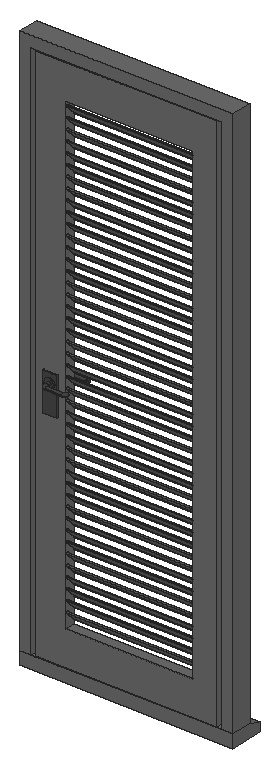
Revit family "DSP_A3-1-External-Lourve-Metal-Door-Full-Louvre-Single", category Doors, host Wall, Revit 2016
Family settings
  Host = Wall
  Always vertical = Yes
  Cut with Voids When Loaded = No
  Shared = No
  Room Calculation Point = No
Parameters (values of type "914 x 2438mm Louvre")
  Wrap Layers (Int) from Ext = 177.5 mm
  Wrap Layers (Ext) from Ext = 102.5 mm
  Vis - Ironmongery = yes
  Vis - Cavity Closers = yes
  Top Louvre Height = 2025.0 mm
  Lower Louvre Height = (Handle Z Distance - L Louvre to Handle - Stile Top Rail - 58.5 mm)  # 300.0 mm
  Thickness = Door Panel Thickness  # 44.0 mm
  Stile Top Rail = 150.0 mm
  Stile Shutting = 125.0 mm
  Stile Lock Rail = 150.0 mm
  Stile Hanging = 100.0 mm
  Stile Bottom Rail = 150.0 mm
  Rough Width = Width  # 2000.0 mm
  Rough Height = Height  # 2438.0 mm
  Operation = "DoubleDoorSingleSwing"
  O/A Frame Width = 64.0 mm
  No of Louvres (Upper) = Top Louvre Height / 45.0 mm - 1  # 44
  No of Louvres (Lower) = Lower Louvre Height / 45.0 mm - 1  # 6
  L Louvre to Handle = 541.5 mm
  Keynote = "L20"
  Handle Z Distance = 1050.0 mm
  Handle Style = Handle Domestic (2) : Handle Domestic (2)
  Function = Interior
  FrameWidth = 42.0 mm
  FrameOffset - External = 25.0 mm
  FrameDepth = 89.0 mm
  Door Panel Width = (Width / 2) - (Structural Tolerance) - (1.5 * Tolerance) - (FrameWidth)  # 947.0 mm
  Door Panel Thickness = 44.0 mm
  Door Panel Height = Height - Structural Tolerance - Tolerance - FrameWidth - Undercut - Cill Thickness  # 2328.0 mm
  DONT CHANGE Louvre Length = Door Panel Width - (Stile Hanging + Stile Shutting)  # 722.0 mm
  Construction Type = "SF-03"
  Cill Thickness = 54.5 mm
  Cill Projection = 30.0 mm
  Handle X Distance = 75.0 mm
  Height = 2438.0 mm
  Material Door = Metal - Aluminium - Dark
  Material Frame = Metal - Aluminium - Dark
  Material Ironmongery = Door - Handle
  Structural Tolerance = 6.5 mm
  Tolerance = 3.0 mm
  Undercut = 4.0 mm
  Wall Closure = By host
  Width = 2000.0 mm
  Cill Extension = 25.0 mm
  Cavity Closer Width = 50.0 mm
  Cavity Closer Offset from Ext = 102.5 mm
  Cavity Closer Depth = 85.0 mm
  Assembly Code = ""
Reference planes
  plane 1: y = 0
  plane 2 "Center L/R": x = -691.5
  plane 3 "Left": x = -1691.5
  plane 4 "Right": x = 308.5
  plane 5 "Head Opening": z = 2438
  plane 6 "Exterior": y = 150
  plane 7 "Interior": y = -150
  plane 8 "ST left": x = -1685
  plane 9 "ST right": x = 302
  plane 10 "Int frame left": x = -1643
  plane 11 "Int frame right": x = 260
  plane 12 "Left T": x = -853.5
  plane 13 "RHS Leaf Edge": x = 257
  plane 14: z = 2431.5
  plane 15: z = 2389.5
  plane 16: z = 2386.5
  plane 17: y = 83
  plane 18 "Ironmongery Axis X": x = -692.5
  plane 19 "Ironmongery Axis Z": z = 1050
  plane 20 "LHS Leaf Edge": x = -1640
  plane 21: y = 80
  plane 22: y = 125
  plane 23: y = 36
  plane 24 "LHS Cill Extension": x = -1716.5
  plane 25 "RHS Cill Extension": x = 333.5
  plane 26: y = 180
  plane 27: z = 58.5
  plane 28: z = 54.5
  plane 29 "Front Cavity Closer": y = 47.5
  plane 30 "Mid LHS Leaf": x = -615.5
  plane 31 "Mid RHS Leaf": x = -767.5
  plane 32: z = 208.5
  plane 33: z = 2236.5
  plane 34: x = -1540
  plane 35: x = -740.5
  plane 36: x = -642.5
  plane 37: x = 157
  plane 38: x = -332.5
  plane 39: x = -242.75
  plane 40: z = 508.5
  plane 41: z = 211.5
  plane 42: y = 47.5
  plane 43: y = -27.5
Forms (mm)
  Sweep 1, solid, material "Metal - Aluminium - Dark" <- "Material Frame"
    path origin (0, 125, 0) x (1, 0, 0) y (0, 0, 1)
      loop
        line (302, 54.5) -> (302, 2431.5) -> (-599, 2431.5) -> (-599, 54.5)
    profile origin (0, 0, 1243) x (-1, 0, 0) y (0, -1, 0)
      loop
        line (-308.5, -125) -> (-238, -125) -> (-238, -83) -> (-260, -83) -> (-260, -36) -> (-308.5, -36) -> (-308.5, -125)
  Extrusion 2, solid, material "Metal - Aluminium - Dark" <- "Material Door"
    sketch origin (-691.5, 36, 0) x (1, 0, 0) y (0, 0, 1)
      loop
        line (156.5, 58.5) -> (929.5, 58.5) -> (929.5, 2386.5) -> (156.5, 2386.5) -> (156.5, 58.5)
      loop
        line (281.5, 2236.5) -> (281.5, 208.5) -> (829.5, 208.5) -> (829.5, 2236.5) -> (281.5, 2236.5)
    from 0 to -44
  Extrusion 3, void
    sketch origin (-614, 0, 0) x (0, 1, 0) y (1, 0, 0)
      loop
        line (150, -1112.5) -> (150, -1077.5) -> (36, -1077.5) -> (36, -1112.5) -> (150, -1112.5)
    from 0 to -54.5
  Extrusion 4, void
    sketch origin (-614, 0, 0) x (0, 1, 0) y (1, 0, 0)
      loop
        line (150, 922.5) -> (150, 957.5) -> (36, 957.5) -> (36, 922.5) -> (150, 922.5)
    from 0 to -54.5
  Extrusion 5, solid, material "Metal - Aluminium - Dark" <- "Material Frame"
    sketch origin (-641.5, 0, 0) x (0, 1, 0) y (0, 0, 1)
      loop
        line (36, 54.5) -> (36, 0) -> (180, 0) -> (180, 38.595) -> (125, 54.5) -> (36, 54.5)
    from 36 to 950
Cuts and joins
  Extrusion 3, Extrusion 4 cuts Sweep 1
  Extrusion 3, Extrusion 4 cuts Extrusion 2
Lines and regions (mm)
  Opening 1
    outline origin (-5000, -150, 0) x (1, 0, 0) y (0, 0, 1)
      loop
        line (5308.5, 2438) -> (4394.5, 2438) -> (4394.5, 0) -> (5308.5, 0) -> (5308.5, 2438)
  symbolic lines, style "DoorsPanelProjection", detail levels medium+fine
    curve 1: line (305.5, 36, 0) -> (261.5, 36, 0)
    curve 3: line (305.5, -878, 0) -> (261.5, -878, 0)
    curve 4: line (261.5, 36, 0) -> (261.5, -878, 0)
  symbolic lines, style "DoorsPanelProjection"
    curve 2: line (305.5, -878, 0) -> (305.5, 36, 0)
  symbolic lines, style "Cavity Closer", visible <- "Vis - Cavity Closers", detail levels medium+fine
    curve 5: line (-655.5, -37.5, 0) -> (-605.5, -37.5, 0)
    curve 6: line (-655.5, 47.5, 0) -> (-655.5, -37.5, 0)
    curve 7: line (-605.5, 47.5, 0) -> (-655.5, 47.5, 0)
    curve 8: line (-605.5, -37.5, 0) -> (-605.5, 47.5, 0)
    curve 9: line (308.5, -37.5, 0) -> (358.5, -37.5, 0)
    curve 10: line (308.5, 47.5, 0) -> (308.5, -37.5, 0)
    curve 11: line (358.5, 47.5, 0) -> (308.5, 47.5, 0)
    curve 12: line (358.5, -37.5, 0) -> (358.5, 47.5, 0)
    curve 13: line (-655.5, -37.5, 0) -> (-605.5, 47.5, 0)
    curve 14: line (-655.5, 47.5, 0) -> (-605.5, -37.5, 0)
    curve 15: line (308.5, -37.5, 0) -> (358.5, 47.5, 0)
    curve 16: line (308.5, 47.5, 0) -> (358.5, -37.5, 0)
  symbolic lines, style "Plan Swing"
    curve 17: arc (-608.5, 36, 0) -> (-340.796, -610.296, 0) -> (305.5, -878, 0) r 914
  symbolic lines, style "DoorsFrameMullionProjection"
    curve 18: line (260, 0, 54.5) -> (-605.5, 0, 54.5)
    curve 19: line (-630.5, 0, 38.595) -> (333.5, 0, 38.595)
    curve 20: line (333.5, 0, 38.595) -> (333.5, 0, 0)
    curve 21: line (-630.5, 0, 0) -> (-630.5, 0, 38.595)
  symbolic lines, style "DoorsFrameMullionProjection", detail levels coarse
    curve 22: line (0, 125, 2438) -> (0, 125, 54.5)
    curve 23: line (0, 83, 54.5) -> (0, 83, 2389.5)
    curve 24: line (0, 125, 2367.5) -> (0, 83, 2367.5)
    curve 25: line (0, 36, 54.5) -> (0, 36, 2438)
    curve 26: line (0, 83, 2389.5) -> (0, 36, 2389.5)
  symbolic lines, style "DoorsPanelProjection", detail levels coarse
    curve 27: line (0, 80, 2386.5) -> (0, 80, 58.5)
    curve 28: line (0, 36, 2386.5) -> (0, 80, 2386.5)
    curve 29: line (0, 80, 58.5) -> (0, 36, 58.5)
  symbolic lines, style "Threshold", detail levels coarse
    curve 30: line (0, 180, 38.595) -> (0, 180, 0)
    curve 31: line (0, 125, 54.5) -> (0, 180, 38.595)
    curve 32: line (0, 36, 54.5) -> (0, 125, 54.5)
    curve 33: line (0, 36, 0) -> (0, 36, 54.5)
  symbolic lines, style "Elevation Swing"
    curve 34: line (238, 0, 54.5) -> (-535, 0, 1193.25)
    curve 35: line (-535, 0, 1193.25) -> (238, 0, 2367.5)
Text (mm)
  text "Exterior" at (-1796.445, 976.134, 0), in view "Ref. Level"
  text "Exterior" at (0, 1615.38, 2893.938), in view "Left"
  text "Exterior" at (0, 1036.032, 3874.932), in view "Right"
Dimensions and locks
  equal spacing: plane 3 "Left", plane 2 "Center L/R", plane 4 "Right"
  "Width": plane 3 "Left" to plane 4 "Right"
  locked: plane 6 "Exterior" to host wall at 0
  locked: plane 7 "Interior" to host wall
  "Structural Tolerance": plane 3 "Left" to plane 8 "ST left"
  "Structural Tolerance": plane 9 "ST right" to plane 4 "Right"
  "Tolerance": plane 13 "RHS Leaf Edge" to plane 11 "Int frame right"
  "Structural Tolerance": plane 5 "Head Opening" to plane 14
  "Tolerance": plane 15 to plane 16
  "Door Panel Thickness": plane 23 to plane 21
  "Tolerance": plane 10 "Int frame left" to plane 20 "LHS Leaf Edge"
  "Tolerance": plane 21 to plane 17
  "FrameDepth": plane 23 to plane 22
  "FrameWidth": plane 8 "ST left" to plane 10 "Int frame left"
  "FrameWidth": plane 11 "Int frame right" to plane 9 "ST right"
  plane 13 "RHS Leaf Edge" to curve 4 = 4.5 mm
  "O/A Frame Width": Sweep 1 sketch curve to plane 9 "ST right"
  "FrameOffset - External": plane 22 to plane 6 "Exterior"
  "Cill Extension": plane 24 "LHS Cill Extension" to plane 3 "Left"
  "Cill Projection": plane 6 "Exterior" to plane 26
  "Cill Extension": plane 4 "Right" to plane 25 "RHS Cill Extension"
  "Undercut": plane 28 to plane 27
  "FrameWidth": plane 14 to plane 15
  locked: Extrusion 3 sketch curve to plane 24 "LHS Cill Extension" at 10
  locked: plane 25 "RHS Cill Extension" to Extrusion 4 sketch curve at 10
  "Handle Z Distance": level to plane 19 "Ironmongery Axis Z"
  "Cavity Closer Offset from Ext": plane 29 "Front Cavity Closer" to plane 6 "Exterior"
  "Cavity Closer Depth": curve 5 to plane 29 "Front Cavity Closer"
  "Cavity Closer Depth": curve 9 to plane 29 "Front Cavity Closer"
  plane 3 "Left" to curve 6 = 1036.0 mm
  "Cavity Closer Width": plane 4 "Right" to curve 12
  "Cavity Closer Offset from Ext": nested 2 to plane 6 "Exterior"
  "Height": level to plane 5 "Head Opening"
  equal spacing: plane 31 "Mid RHS Leaf", plane 2 "Center L/R", plane 30 "Mid LHS Leaf"
  "Handle X Distance": plane 31 "Mid RHS Leaf" to plane 18 "Ironmongery Axis X"
  level to plane 16 = 2386.5 mm  (x2)
  "Stile Hanging": plane 37 to plane 13 "RHS Leaf Edge"
  "Stile Bottom Rail": plane 32 to plane 27
  "Stile Shutting": plane 31 "Mid RHS Leaf" to plane 36
  "Stile Shutting": plane 35 to plane 30 "Mid LHS Leaf"
  equal spacing: plane 36, plane 39, plane 37
  "Stile Hanging": plane 20 "LHS Leaf Edge" to plane 34
  "Wrap Layers (Ext) from Ext": plane 42 to plane 6 "Exterior"
  equal spacing: group 1, group 3, group 4, group 5, group 6, group 7, group 8, group 9, group 10, group 11, group 12, group 13, group 14, group 15, group 16, group 17, group 18, group 19, group 20, group 21, group 22, group 23, group 24, group 25, group 26, group 27, group 28, group 29, group 30, group 31, group 32, group 33, group 34, group 35, group 36, group 37, group 38, group 39, group 40, group 41, group 42, group 43, group 44, group 2  (x3)
  locked: nested 4 to plane 33 at 15
  locked: plane 41 to nested 3 at 15
  "Wrap Layers (Int) from Ext": plane 43 to plane 6 "Exterior"
  "Top Louvre Height": plane 41 to plane 33
  "L Louvre to Handle": plane 40 to plane 19 "Ironmongery Axis Z"
  level to plane 27 = 58.5 mm
  aligned and locked: plane 1 to host wall
  aligned and locked: plane 9 "ST right" to Sweep 1 sketch curve
  aligned and locked: plane 14 to Sweep 1 sketch curve
  aligned and locked: profile plane to plane 9 "ST right"
  aligned and locked: Sweep 1 sketch curve to plane 4 "Right"
  aligned and locked: Sweep 1 sketch curve to plane 17
  aligned and locked: plane 11 "Int frame right" to Sweep 1 sketch curve
  aligned and locked: plane 23 to Sweep 1 sketch curve
  aligned and locked: Sweep 1 sketch curve to plane 22
  aligned and locked: plane 16 to Extrusion 2 sketch curve
  aligned and locked: Extrusion 2 to plane 21
  aligned and locked: curve 1 to plane 23
  aligned and locked: plane 28 to Sweep 1 sketch curve  (x2)
  aligned and locked: plane 27 to Extrusion 2
  aligned and locked: plane 28 to Extrusion 3
  aligned and locked: plane 23 to Extrusion 4 sketch curve
  aligned and locked: plane 28 to Extrusion 4
  aligned and locked: nested 1 to plane 29 "Front Cavity Closer"
  aligned and locked: nested 2 to plane 4 "Right"
  aligned and locked: plane 29 "Front Cavity Closer" to nested 2
  aligned and locked: Extrusion 2 sketch curve to plane 33
  aligned and locked: curve 22 to cut or joined group of Sweep 1, Extrusion 3, Extrusion 4
  aligned and locked: curve 23 to cut or joined group of Sweep 1, Extrusion 3, Extrusion 4
  aligned and locked: curve 24 to cut or joined group of Sweep 1, Extrusion 3, Extrusion 4
  aligned and locked: curve 25 to cut or joined group of Sweep 1, Extrusion 3, Extrusion 4
  aligned and locked: curve 26 to cut or joined group of Sweep 1, Extrusion 3, Extrusion 4
  aligned and locked: curve 27 to cut or joined group of Extrusion 2, Extrusion 3, Extrusion 4
  aligned and locked: plane 21 to nested 3
  aligned and locked: plane 21 to nested 4
  aligned and locked: nested 8 to plane 21
  aligned and locked: plane 23 to nested 9
Automatic sketch dimensions
  curve 17 to plane 23 = 0.0 mm
  curve 8 to plane 29 "Front Cavity Closer" = 0.0 mm
  curve 15 to plane 4 "Right" = 0.0 mm
  curve 12 to plane 29 "Front Cavity Closer" = 0.0 mm
  curve 17 to plane 30 "Mid LHS Leaf" = 7.0 mm
  curve 8 to plane 30 "Mid LHS Leaf" = 10.0 mm
  plane 4 "Right" to curve 17 = 3.0 mm
  curve 30 to level = 0.0 mm
  curve 30 to plane 26 = 0.0 mm
  curve 33 to level = 0.0 mm
  curve 23 to plane 28 = 0.0 mm
  curve 27 to plane 27 = 0.0 mm
  curve 28 to plane 16 = 0.0 mm
  curve 22 to plane 5 "Head Opening" = 0.0 mm
  curve 25 to plane 5 "Head Opening" = 0.0 mm
  curve 30 to plane 28 = 15.905 mm
  Sweep 1 sketch curve to plane 30 "Mid LHS Leaf" = 16.5 mm
  Extrusion 2 sketch curve to plane 27 = 0.0 mm
  Extrusion 2 sketch curve to plane 32 = 0.0 mm
  Extrusion 2 sketch curve to plane 30 "Mid LHS Leaf" = 80.5 mm
  Extrusion 2 sketch curve to plane 38 = 77.5 mm
  Extrusion 2 sketch curve to plane 37 = 19.0 mm
  plane 13 "RHS Leaf Edge" to Extrusion 2 sketch curve = 19.0 mm
  Extrusion 3 sketch curve to plane 23 = 0.0 mm
  Extrusion 3 sketch curve to host wall = 0.0 mm
  Extrusion 3 sketch curve to plane 3 "Left" = 0.0 mm
  Extrusion 4 sketch curve to host wall = 0.0 mm
  Extrusion 4 sketch curve to plane 4 "Right" = 0.0 mm
  Opening 1 sketch curve to plane 5 "Head Opening" = 0.0 mm
  Opening 1 sketch curve to level = 0.0 mm
  Opening 1 sketch curve to plane 4 "Right" = 0.0 mm
  Opening 1 sketch curve to plane 30 "Mid LHS Leaf" = 10.0 mm
  Extrusion 5 sketch curve to plane 23 = 0.0 mm
  Extrusion 5 sketch curve to plane 22 = 0.0 mm
  Extrusion 5 sketch curve to plane 26 = 0.0 mm
  Extrusion 5 sketch curve to level = 0.0 mm
  Extrusion 5 sketch curve to plane 28 = 0.0 mm
  Extrusion 5 sketch curve to plane 28 = 15.905 mm
  curve 18 to plane 28 = 0.0 mm
  curve 19 to plane 25 "RHS Cill Extension" = 0.0 mm
  curve 21 to level = 0.0 mm
  curve 20 to level = 0.0 mm
  curve 18 to plane 11 "Int frame right" = 0.0 mm
  curve 35 to plane 19 "Ironmongery Axis Z" = 143.25 mm
  plane 16 to curve 35 = 19.0 mm
  curve 19 to plane 28 = 15.905 mm
  plane 13 "RHS Leaf Edge" to curve 35 = 19.0 mm
  plane 13 "RHS Leaf Edge" to curve 34 = 19.0 mm
  curve 35 to plane 30 "Mid LHS Leaf" = 80.5 mm
  curve 18 to plane 30 "Mid LHS Leaf" = 10.0 mm
  curve 21 to plane 36 = 12.0 mm
Nested families
  nested 1: "UK_Cavity Closer" at (-655.5, 47.5, 0), visible <- "Vis - Cavity Closers", type "UK_Cavity Closer", detail levels medium+fine
    with Closer Depth 85.0 mm
  nested 2: "UK_Cavity Closer" at (308.5, 47.5, 0), visible <- "Vis - Cavity Closers", type "UK_Cavity Closer", detail levels medium+fine
    with Closer Depth 85.0 mm
  nested 3: "Louvre Blade" at (-108.831, 60.463, 250.5) x (-1, 0, 0) z (0, 0, 1), type "Louvre Blade"
    with Length 548.0 mm
  nested 4: "Louvre Blade" at (-108.831, 60.463, 2197.5) x (-1, 0, 0) z (0, 0, 1), type "Louvre Blade"
    with Length 548.0 mm
  nested 5: "Louvre Blade" at (-108.831, 60.463, 295.779) x (-1, 0, 0) z (0, 0, 1), type "Louvre Blade"
    with Length 548.0 mm
  nested 6: "Louvre Blade" at (-108.831, 60.463, 341.058) x (-1, 0, 0) z (0, 0, 1), type "Louvre Blade"
    with Length 548.0 mm
  nested 7: "Louvre Blade" at (-108.831, 60.463, 386.337) x (-1, 0, 0) z (0, 0, 1), type "Louvre Blade"
    with Length 548.0 mm
  nested 8: "Handle Domestic (2)" at (-547.5, 80, 82.5), visible <- "Vis - Ironmongery", type <- "Handle Style", type "Handle Domestic (2)", detail levels medium+fine
    with Handle Z Distance 1050.0 mm, Handle X Distance 75.0 mm
  nested 9: "Handle Domestic (2)" at (-547.5, 36, 82.5), visible <- "Vis - Ironmongery", type <- "Handle Style", type "Handle Domestic (2)", detail levels medium+fine
    with Handle Z Distance 1050.0 mm, Handle X Distance 75.0 mm
  nested 10: "Louvre Blade" at (-108.831, 60.463, 431.616) x (-1, 0, 0) z (0, 0, 1), type "Louvre Blade"
    with Length 548.0 mm
  nested 11: "Louvre Blade" at (-108.831, 60.463, 476.895) x (-1, 0, 0) z (0, 0, 1), type "Louvre Blade"
    with Length 548.0 mm
  nested 12: "Louvre Blade" at (-108.831, 60.463, 522.174) x (-1, 0, 0) z (0, 0, 1), type "Louvre Blade"
    with Length 548.0 mm
  nested 13: "Louvre Blade" at (-108.831, 60.463, 567.453) x (-1, 0, 0) z (0, 0, 1), type "Louvre Blade"
    with Length 548.0 mm
  nested 14: "Louvre Blade" at (-108.831, 60.463, 612.733) x (-1, 0, 0) z (0, 0, 1), type "Louvre Blade"
    with Length 548.0 mm
  nested 15: "Louvre Blade" at (-108.831, 60.463, 658.012) x (-1, 0, 0) z (0, 0, 1), type "Louvre Blade"
    with Length 548.0 mm
  nested 16: "Louvre Blade" at (-108.831, 60.463, 703.291) x (-1, 0, 0) z (0, 0, 1), type "Louvre Blade"
    with Length 548.0 mm
  nested 17: "Louvre Blade" at (-108.831, 60.463, 748.57) x (-1, 0, 0) z (0, 0, 1), type "Louvre Blade"
    with Length 548.0 mm
  nested 18: "Louvre Blade" at (-108.831, 60.463, 793.849) x (-1, 0, 0) z (0, 0, 1), type "Louvre Blade"
    with Length 548.0 mm
  nested 19: "Louvre Blade" at (-108.831, 60.463, 839.128) x (-1, 0, 0) z (0, 0, 1), type "Louvre Blade"
    with Length 548.0 mm
  nested 20: "Louvre Blade" at (-108.831, 60.463, 884.407) x (-1, 0, 0) z (0, 0, 1), type "Louvre Blade"
    with Length 548.0 mm
  nested 21: "Louvre Blade" at (-108.831, 60.463, 929.686) x (-1, 0, 0) z (0, 0, 1), type "Louvre Blade"
    with Length 548.0 mm
  nested 22: "Louvre Blade" at (-108.831, 60.463, 974.965) x (-1, 0, 0) z (0, 0, 1), type "Louvre Blade"
    with Length 548.0 mm
  nested 23: "Louvre Blade" at (-108.831, 60.463, 1020.244) x (-1, 0, 0) z (0, 0, 1), type "Louvre Blade"
    with Length 548.0 mm
  nested 24: "Louvre Blade" at (-108.831, 60.463, 1065.523) x (-1, 0, 0) z (0, 0, 1), type "Louvre Blade"
    with Length 548.0 mm
  nested 25: "Louvre Blade" at (-108.831, 60.463, 1110.802) x (-1, 0, 0) z (0, 0, 1), type "Louvre Blade"
    with Length 548.0 mm
  nested 26: "Louvre Blade" at (-108.831, 60.463, 1156.081) x (-1, 0, 0) z (0, 0, 1), type "Louvre Blade"
    with Length 548.0 mm
  nested 27: "Louvre Blade" at (-108.831, 60.463, 1201.36) x (-1, 0, 0) z (0, 0, 1), type "Louvre Blade"
    with Length 548.0 mm
  nested 28: "Louvre Blade" at (-108.831, 60.463, 1246.64) x (-1, 0, 0) z (0, 0, 1), type "Louvre Blade"
    with Length 548.0 mm
  nested 29: "Louvre Blade" at (-108.831, 60.463, 1291.919) x (-1, 0, 0) z (0, 0, 1), type "Louvre Blade"
    with Length 548.0 mm
  nested 30: "Louvre Blade" at (-108.831, 60.463, 1337.198) x (-1, 0, 0) z (0, 0, 1), type "Louvre Blade"
    with Length 548.0 mm
  nested 31: "Louvre Blade" at (-108.831, 60.463, 1382.477) x (-1, 0, 0) z (0, 0, 1), type "Louvre Blade"
    with Length 548.0 mm
  nested 32: "Louvre Blade" at (-108.831, 60.463, 1427.756) x (-1, 0, 0) z (0, 0, 1), type "Louvre Blade"
    with Length 548.0 mm
  nested 33: "Louvre Blade" at (-108.831, 60.463, 1473.035) x (-1, 0, 0) z (0, 0, 1), type "Louvre Blade"
    with Length 548.0 mm
  nested 34: "Louvre Blade" at (-108.831, 60.463, 1518.314) x (-1, 0, 0) z (0, 0, 1), type "Louvre Blade"
    with Length 548.0 mm
  nested 35: "Louvre Blade" at (-108.831, 60.463, 1563.593) x (-1, 0, 0) z (0, 0, 1), type "Louvre Blade"
    with Length 548.0 mm
  nested 36: "Louvre Blade" at (-108.831, 60.463, 1608.872) x (-1, 0, 0) z (0, 0, 1), type "Louvre Blade"
    with Length 548.0 mm
  nested 37: "Louvre Blade" at (-108.831, 60.463, 1654.151) x (-1, 0, 0) z (0, 0, 1), type "Louvre Blade"
    with Length 548.0 mm
  nested 38: "Louvre Blade" at (-108.831, 60.463, 1699.43) x (-1, 0, 0) z (0, 0, 1), type "Louvre Blade"
    with Length 548.0 mm
  nested 39: "Louvre Blade" at (-108.831, 60.463, 1744.709) x (-1, 0, 0) z (0, 0, 1), type "Louvre Blade"
    with Length 548.0 mm
  nested 40: "Louvre Blade" at (-108.831, 60.463, 1789.988) x (-1, 0, 0) z (0, 0, 1), type "Louvre Blade"
    with Length 548.0 mm
  nested 41: "Louvre Blade" at (-108.831, 60.463, 1835.267) x (-1, 0, 0) z (0, 0, 1), type "Louvre Blade"
    with Length 548.0 mm
  nested 42: "Louvre Blade" at (-108.831, 60.463, 1880.547) x (-1, 0, 0) z (0, 0, 1), type "Louvre Blade"
    with Length 548.0 mm
  nested 43: "Louvre Blade" at (-108.831, 60.463, 1925.826) x (-1, 0, 0) z (0, 0, 1), type "Louvre Blade"
    with Length 548.0 mm
  nested 44: "Louvre Blade" at (-108.831, 60.463, 1971.105) x (-1, 0, 0) z (0, 0, 1), type "Louvre Blade"
    with Length 548.0 mm
  nested 45: "Louvre Blade" at (-108.831, 60.463, 2016.384) x (-1, 0, 0) z (0, 0, 1), type "Louvre Blade"
    with Length 548.0 mm
  nested 46: "Louvre Blade" at (-108.831, 60.463, 2061.663) x (-1, 0, 0) z (0, 0, 1), type "Louvre Blade"
    with Length 548.0 mm
  nested 47: "Louvre Blade" at (-108.831, 60.463, 2106.942) x (-1, 0, 0) z (0, 0, 1), type "Louvre Blade"
    with Length 548.0 mm
  nested 48: "Louvre Blade" at (-108.831, 60.463, 2152.221) x (-1, 0, 0) z (0, 0, 1), type "Louvre Blade"
    with Length 548.0 mm
Definition of nested family "Louvre Blade"
  Parameters
    Material Blade = none
    Length = 800.0 mm
    Blade Width = 40.0 mm
    Assembly Code = ""
    Vert Blade = Blade Width / 10  # 4.0 mm
  Reference planes
    plane 1 "Center (Front/Back)": y = -0.463
    plane 2: z = 0
    plane 3 "Center (Left/Right)": x = 27.169
    plane 4: x = -372.831
    plane 5: x = 427.169
    plane 6: y = -20.463
    plane 7: y = 19.537
    plane 8: z = 20
    plane 9: z = -20
  Forms (mm)
    Extrusion 1, solid, material <- "Material Blade"
      sketch origin (27.169, 0, 0) x (0, 1, 0) y (0, 0, 1)
        loop
          line (-20.463, 24) -> (-23.463, 24) -> (-23.463, 18.757) -> (16.537, -21.243) -> (16.537, -24) -> (19.537, -24) -> (19.537, -20) -> (-20.463, 20) -> (-20.463, 24)
      from -400 to 400
  Dimensions and locks
    equal spacing: plane 4, plane 3 "Center (Left/Right)", plane 5
    "Length": plane 4 to plane 5
    equal spacing: plane 6, plane 1 "Center (Front/Back)", plane 7
    "Blade Width": plane 6 to plane 7
    "Blade Width": plane 9 to plane 8
    equal spacing: plane 9, plane 2, plane 8
    "Vert Blade": plane 8 to Extrusion 1 sketch curve
    "Vert Blade": Extrusion 1 sketch curve to plane 9
    aligned and locked: Extrusion 1 to plane 5
    aligned and locked: plane 4 to Extrusion 1
  Automatic sketch dimensions
    Extrusion 1 sketch curve to plane 6 = 0.0 mm
    Extrusion 1 sketch curve to plane 7 = 0.0 mm
    Extrusion 1 sketch curve to plane 9 = 0.0 mm
    Extrusion 1 sketch curve to plane 8 = 0.0 mm
    plane 8 to Extrusion 1 sketch curve = 1.243 mm
    plane 6 to Extrusion 1 sketch curve = 3.0 mm
    plane 7 to Extrusion 1 sketch curve = 3.0 mm
    plane 9 to Extrusion 1 sketch curve = 1.243 mm
Definition of nested family "Handle Domestic (2)"
  Parameters
    Manufacturer = "Revit"
    Material Ironmongery = none
    Handle Z Distance = 0.0 mm
    Handle X Distance = 65.0 mm
  Reference planes
    plane 1 "Center (Front/Back)": y = 0
    plane 2: z = 0
    plane 3 "Center (Left/Right)": x = 0
    plane 4: z = 0
    plane 5: x = 65
  Forms (mm)
    Extrusion 1, solid, material <- "Material Ironmongery", detail levels medium+fine
      sketch origin (0, 0, 0) x (1, 0, 0) y (0, 0, 1)
        loop
          line (35, 40) -> (35, -125) -> (95, -125) -> (95, 40) -> (35, 40)
      from 0 to -6
    Sweep 2, solid, material <- "Material Ironmongery", detail levels medium+fine
      path origin (0, 0, 0) x (0, -1, 0) y (1, 0, 0)
        loop
          line (-10.593, 65) -> (-26, 65)
          arc (-26, 65) -> (-36.607, 69.393) -> (-41, 80) r 15
          line (-41, 80) -> (-41, 152)
          arc (-41, 152) -> (-38.657, 157.657) -> (-33, 160) r 8
      profile origin (0, 18.296, 0) x (-1, 0, 0) y (0, 0, 1)
        loop
          circle (-65, 0) r 7
    Extrusion 3, solid, material <- "Material Ironmongery", detail levels medium+fine
      sketch origin (0, 0, 0) x (1, 0, 0) y (0, 0, 1)
        loop
          circle (65, 0) r 20
      from -6 to -10.593
  Dimensions and locks
    "Handle Z Distance": plane 4 to level
    "Handle X Distance": plane 5 to plane 3 "Center (Left/Right)"
    aligned and locked: Extrusion 1 to Extrusion 3
    aligned and locked: Extrusion 3 to Sweep 2 sketch curve
  Automatic sketch dimensions
    Sweep 2 sketch curve to plane 4 = 0.0 mm
    Sweep 2 sketch curve to profile plane = 0.0 mm
    Extrusion 3 sketch curve to plane 4 = 0.0 mm
    Extrusion 3 sketch curve to plane 5 = 0.0 mm
    Sweep 2 sketch curve to plane 5 = 0.0 mm
    Sweep 2 sketch curve to plane 1 "Center (Front/Back)" = 41.0 mm
    Sweep 2 sketch curve to Sweep 2 sketch curve = 8.0 mm
    Sweep 2 sketch curve to Sweep 2 sketch curve = 15.0 mm
    Sweep 2 sketch curve to Sweep 2 sketch curve = 72.0 mm
    plane 5 to Extrusion 1 sketch curve = 30.0 mm
    Extrusion 1 sketch curve to plane 5 = 30.0 mm
    plane 4 to Extrusion 1 sketch curve = 125.0 mm
    Extrusion 1 sketch curve to plane 4 = 40.0 mm
    radius of Sweep 2 sketch curve = 7.0 mm
    radius of Extrusion 3 sketch curve = 20.0 mm
Definition of nested family "UK_Cavity Closer"
  Parameters
    Closer Width = 50.0 mm
    Closer Depth = 75.0 mm
  Reference planes
    plane 1 "Center (Front/Back)": y = 0
    plane 2: z = 0
    plane 3 "Center (Left/Right)": x = 0
    plane 4: x = 50, in view "Ref. Level"
    plane 5: y = -75, in view "Ref. Level"
  Lines and regions (mm)
    Masking region 1, in view "Ref. Level"
      outline origin (0, 0, 0) x (1, 0, 0) y (0, 1, 0)
        loop
          line (0, 0) -> (0, -75) -> (50, -75) -> (50, 0) -> (0, 0)
  Dimensions and locks
    "Closer Width": plane 3 "Center (Left/Right)" to plane 4
    "Closer Depth": plane 5 to plane 1 "Center (Front/Back)"
  Automatic sketch dimensions
    Masking region 1 sketch curve to plane 3 "Center (Left/Right)" = 0.0 mm
    Masking region 1 sketch curve to plane 4 = 0.0 mm
    Masking region 1 sketch curve to plane 5 = 0.0 mm
    Masking region 1 sketch curve to plane 1 "Center (Front/Back)" = 0.0 mm
